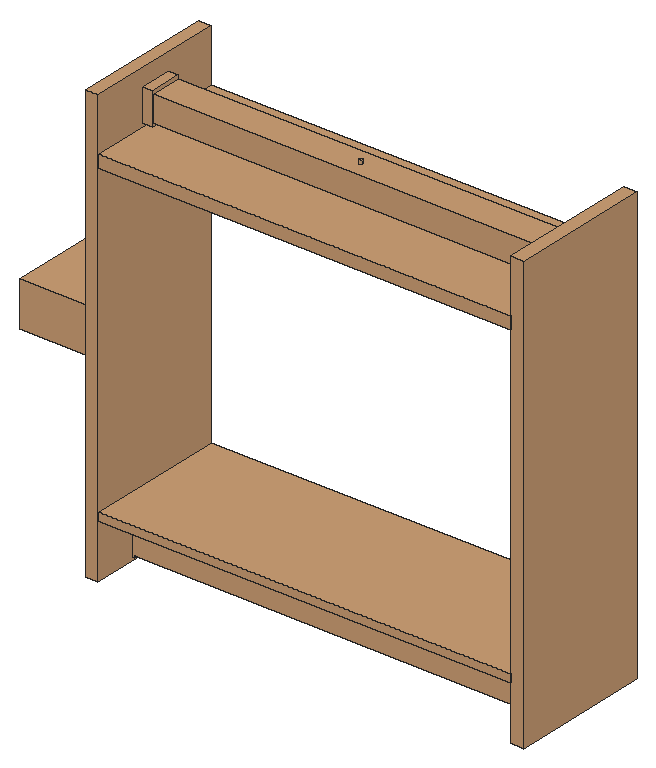
Revit family
Parameters
  Center of Unit = 0' - 0"  # constant formula
  Total Heating Capacity [instance] = 0.0 Btu/h
  Series = "VIFB"
  Outlet Area = 21.40 SF
  Lower Frame Thickness = if(Headers Height = 0' 3", 0' 1 1/4", if(Headers Height = 0' 3 1/4", 0' 1 1/4", 0' 0"))  # 0' - 1 1/4"
  Water Pressure Drop [instance] = 0.00 psi
  Water Flow [instance] = 0 GPM
  Unit Weight (lbs) = 779
  URL = "http://www.ljwing.com/"
  Water Outlet Radius = 0' - 1 1/2"
  Headers Height = if(M = 0' 1", 0' 3", if(M = 0' 1 1/2", 0' 3 1/4", 0' 0"))  # 0' - 3"
  Number of Rows = 2  # constant formula
  Number of Coils [instance] = 0
  Nominal Length = 5' - 8 5/16"
  N = 1' - 0 3/4"
  Model = "VC-6W"
  Manufacturer = "LJ Wing"
  M = 0' - 1"
  Leaving Water Temperature [instance] = 0 °F
  Leaving Air Temperature [instance] = 0 °F
  Entering Water Temperature [instance] = 0 °F
  Entering Air Temperature [instance] = 0 °F
  Description = "Vertical Integral Face & Bypass Water Heating Coils"
  Hot Water Inlet  Radius = 0' - 1 1/2"
  Coil Face Area = Outlet Area * 0.56  # 11.984 SF
  Casing Material = ""
  Assembly Code = "D3020300"
  Air Vent Radius = 0' - 0 1/4"
  Air Pressure Drop [instance] = 0.00 in-wg
  Air Inlet Width = Nominal Length - 0' 4"  # 5' - 4 5/16"
  Air Inlet Height = Y  # 4' - 0"
  Air Flow [instance] = 0 CFM
  Y = 4' - 0"
  S = 0' - 9 3/4"  # constant formula
  Product URL = "http://www.ljwing.com/html/vifb.asp"
  OmniClass = "23-75 70 21 14 "
  Nominal Height = 5' - 8"
  Nominal Depth = 1' - 10"
  R = 0' - 10 1/4"  # constant formula
  Q = 0' - 4 5/32"
Reference planes (in)
  plane 1 "Center (Front/Back)": y = 0
  plane 2: z = -24
  plane 3 "Center (Left/Right)": x = 0
  plane 4: z = 34.25
  plane 5: x = -34.15625
  plane 6: x = 34.15625
  plane 7: z = -33.75
  plane 8: z = 0
  plane 9: y = -11
  plane 10: y = 11
  plane 11: z = 24
  plane 12: z = 26
  plane 13: z = -25.25
  plane 14: x = 32.15625
  plane 15: x = -32.15625
  plane 16: x = -30
  plane 17: x = 30
  plane 18: y = 14.0625
  plane 19: x = -45.15625
  plane 20: z = 31.125
  plane 21: z = 27.125
  plane 22: y = -2.5
  plane 23: y = 2.5
  plane 24: y = -4.5
  plane 25: z = -31.375
  plane 26: x = -21.40625
  plane 27: x = 21.40625
  plane 28: z = -27.375
Forms (in)
  Extrusion 1, solid, material "Painted Finish"
    sketch origin (0, 6, -9.75) x (1, 0, 0) y (0, 0, 1)
      loop
        line (-34.15625, -24) -> (-32.15625, -24) -> (-32.15625, 44) -> (-34.15625, 44) -> (-34.15625, -24)
      loop
        line (34.15625, -24) -> (34.15625, 44) -> (32.15625, 44) -> (32.15625, -24) -> (34.15625, -24)
    from -5 to 17
  Extrusion 2, solid, material "Painted Finish"
    sketch origin (0, 6, 0) x (1, 0, 0) y (0, 0, 1)
      loop
        line (32.15625, -24) -> (-32.15625, -24) -> (-32.15625, -25.25) -> (32.15625, -25.25) -> (32.15625, -24)
      loop
        line (32.15625, 24) -> (32.15625, 26) -> (-32.15625, 26) -> (-32.15625, 24) -> (32.15625, 24)
    from -5 to 17
  Extrusion 3, solid, material "Painted Finish"
    sketch origin (0, 10, -0.5) x (1, 0, 0) y (0, 0, 1)
      loop
        line (-34.15625, 4) -> (-45.15625, 4) -> (-45.15625, -3) -> (-34.15625, -3) -> (-34.15625, 4)
    from 0 to 20
  Extrusion 4, solid, material "Painted Finish"
    sketch origin (0, 6, 0) x (1, 0, 0) y (0, 0, 1)
      loop
        line (-30.53125, 31.125) -> (-30.53125, 27.125) -> (30.53125, 27.125) -> (30.53125, 31.125) -> (-30.53125, 31.125)
    from 3.5 to 8.5
  Extrusion 5, solid, material "Painted Finish"
    sketch origin (0, 0, 0) x (1, 0, 0) y (0, 0, 1)
      loop
        line (-30.53125, 26.625) -> (-30.53125, 31.625) -> (-32.15625, 31.625) -> (-32.15625, 26.625) -> (-30.53125, 26.625)
      loop
        line (32.15625, 26.625) -> (32.15625, 31.625) -> (30.53125, 31.625) -> (30.53125, 26.625) -> (32.15625, 26.625)
    from -2.5 to 2.5
  Extrusion 6, solid, material "Painted Finish"
    sketch origin (0, 6, 0) x (1, 0, 0) y (0, 0, 1)
      loop
        line (-31.65625, -25.875) -> (-31.65625, -25.625) -> (-32.15625, -25.625) -> (-32.15625, -29.125) -> (-31.65625, -29.125) -> (-31.65625, -28.875) -> (31.65625, -28.875) -> (31.65625, -29.125) -> (32.15625, -29.125) -> (32.15625, -25.625) -> (31.65625, -25.625) -> (31.65625, -25.875) -> (-31.65625, -25.875)
      loop
        line (31.65625, -32.875) -> (31.65625, -33.125) -> (32.15625, -33.125) -> (32.15625, -29.625) -> (31.65625, -29.625) -> (31.65625, -29.875) -> (-31.65625, -29.875) -> (-31.65625, -29.625) -> (-32.15625, -29.625) -> (-32.15625, -33.125) -> (-31.65625, -33.125) -> (-31.65625, -32.875) -> (31.65625, -32.875)
    from -5 to 10.5
  Extrusion 7, void
    sketch origin (0, 0, 0) x (1, 0, 0) y (0, 0, 1)
      loop
        line (-32.15625, 24) -> (-32.15625, -24) -> (32.15625, -24) -> (32.15625, 24) -> (-32.15625, 24)
    from -11 to 11
  Extrusion 8, solid, material "Painted Finish"
    sketch origin (0, 0, 0) x (1, 0, 0) y (0, 0, 1)
      loop
        circle (21.40625, -31.375) r 1
      loop
        circle (-21.40625, -27.375) r 1
    from -14.0625 to -11
  Extrusion 9, solid, material "Painted Finish"
    sketch origin (0, 0, 0) x (1, 0, 0) y (0, 1, 0)
      loop
        circle (0, 0) r 0.25
    from 31.125 to 31.625
Cuts and joins
  Extrusion 7 cuts Extrusion 1
  Extrusion 7 cuts Extrusion 2
Dimensions and locks (in)
  "Nominal Length": plane 6 to plane 5
  equal spacing: plane 6, plane 3 "Center (Left/Right)", plane 5
  "S": plane 2 to plane 7
  "Nominal Depth": plane 10 to plane 9
  equal spacing: plane 10, plane 1 "Center (Front/Back)", plane 9
  "Y": plane 11 to plane 2
  "R": plane 4 to plane 11
  locked: plane 12 to plane 11 at 2
  "Lower Frame Thickness": plane 2 to plane 13
  "Q": plane 16 to plane 5
  "Q": plane 6 to plane 17
  locked: plane 18 to plane 10 at 3.0625
  locked: plane 5 to plane 19 at 11
  locked: Extrusion 3 sketch curve to Extrusion 3 sketch curve at 7
  locked: Extrusion 3 to Extrusion 3 at 20
  locked: plane 6 to plane 14 at 2
  locked: plane 15 to plane 5 at 2
  locked: Extrusion 5 sketch curve to plane 20 at 0.5
  locked: plane 21 to Extrusion 5 sketch curve at 0.5
  locked: plane 20 to plane 21 at 4
  locked: plane 23 to plane 22 at 5
  equal spacing: plane 23, plane 1 "Center (Front/Back)", plane 22
  locked: plane 22 to plane 24 at 2
  plane 4 to plane 7 = 5' - 8"
  locked: Extrusion 5 sketch curve to Extrusion 1 at 1.625
  locked: Extrusion 5 sketch curve to Extrusion 5 sketch curve at 1.625
  locked: Extrusion 7 sketch curve to plane 11 at 0
  locked: Extrusion 7 sketch curve to plane 15 at 0
  locked: Extrusion 7 sketch curve to plane 14 at 0
  locked: plane 15 to Extrusion 6 sketch curve at 0.5
  locked: Extrusion 6 sketch curve to Extrusion 6 sketch curve at 0.25  (x2)
  locked: plane 25 to plane 7 at 2.375
  "N": plane 26 to plane 5
  "N": plane 6 to plane 27
  locked: plane 28 to plane 7 at 6.375
  "Headers Height": Extrusion 6 sketch curve to Extrusion 6 sketch curve  (x2)
  locked: Extrusion 8 sketch curve to plane 25 at 0
  locked: Extrusion 8 sketch curve to plane 28 at 0
  locked: Extrusion 9 sketch curve to plane 1 "Center (Front/Back)" at 0
  locked: Extrusion 9 sketch curve to plane 3 "Center (Left/Right)" at 0
  equal spacing: Extrusion 6 sketch curve, plane 28, Extrusion 6 sketch curve
  equal spacing: Extrusion 6 sketch curve, plane 25, Extrusion 6 sketch curve
  locked: plane 4 to plane 20 at 3.125
  locked: Extrusion 7 sketch curve to plane 2 at 0
  equal spacing: plane 11, plane 8, plane 2
  locked: Extrusion 8 sketch curve to plane 27 at 0
  locked: Extrusion 8 sketch curve to plane 26 at 0
  "M": radius of Extrusion 8 sketch curve  (x2)
  "Air Vent Radius": radius of Extrusion 9 sketch curve
  aligned and locked: Extrusion 1 to plane 9
  aligned and locked: Extrusion 1 to plane 10
  aligned and locked: Extrusion 1 to plane 15
  aligned and locked: Extrusion 1 to plane 14
  aligned and locked: Extrusion 2 to plane 9
  aligned and locked: plane 9 to Extrusion 1
  aligned and locked: plane 10 to Extrusion 1  (x2)
  aligned and locked: Extrusion 2 to plane 10
  aligned and locked: plane 10 to Extrusion 2  (x2)
  aligned and locked: plane 9 to Extrusion 2  (x2)
  aligned and locked: plane 5 to Extrusion 3
  aligned and locked: Extrusion 5 sketch curve to plane 15
  aligned and locked: Extrusion 5 sketch curve to Extrusion 4
  aligned and locked: Extrusion 1 to Extrusion 6
  aligned and locked: plane 22 to Extrusion 5
  aligned and locked: Extrusion 5 to Extrusion 4  (x2)
  aligned and locked: Extrusion 5 to plane 23
  aligned and locked: Extrusion 6 to plane 24
  aligned and locked: Extrusion 4 to Extrusion 5  (x2)
  aligned and locked: Extrusion 5 to Extrusion 1  (x2)
  aligned and locked: Extrusion 1 to Extrusion 7  (x2)
  aligned and locked: plane 18 to Extrusion 8
  aligned and locked: Extrusion 8 to plane 10
  aligned and locked: plane 20 to Extrusion 9
  aligned and locked: Extrusion 9 to Extrusion 5
  aligned and locked: plane 2 to cut or joined group of Extrusion 2, Extrusion 7
  aligned and locked: Extrusion 1 sketch curve to plane 6
  aligned and locked: Extrusion 1 sketch curve to plane 14
  aligned and locked: Extrusion 1 sketch curve to plane 15
  aligned and locked: Extrusion 1 sketch curve to plane 5
  aligned and locked: Extrusion 1 sketch curve to plane 4  (x2)
  aligned and locked: plane 7 to Extrusion 1 sketch curve  (x2)
  aligned and locked: Extrusion 2 sketch curve to plane 11
  aligned and locked: Extrusion 2 sketch curve to plane 12
  aligned and locked: plane 2 to Extrusion 2 sketch curve
  aligned and locked: Extrusion 2 sketch curve to plane 13
  aligned and locked: Extrusion 2 sketch curve to plane 14  (x2)
  aligned and locked: Extrusion 2 sketch curve to plane 15  (x2)
  aligned and locked: plane 20 to Extrusion 4 sketch curve
  aligned and locked: Extrusion 4 sketch curve to plane 21
  aligned and locked: Extrusion 6 sketch curve to plane 14  (x2)
  aligned and locked: plane 15 to Extrusion 6 sketch curve  (x2)
Automatic sketch dimensions
  Extrusion 3 sketch curve to plane 19 = 0' - 0"
  Extrusion 3 sketch curve to plane 5 = 0' - 0"
  plane 8 to Extrusion 3 sketch curve = 0' - 3 1/2"
  Extrusion 4 sketch curve to plane 16 = 0' - 0 17/32"
  plane 17 to Extrusion 4 sketch curve = 0' - 0 17/32"
  plane 21 to Extrusion 5 sketch curve = 0' - 0 1/2"
  Extrusion 5 sketch curve to plane 20 = 0' - 0 1/2"
  plane 15 to Extrusion 6 sketch curve = 0' - 0 1/2"  (x2)
  Extrusion 6 sketch curve to Extrusion 6 sketch curve = 0' - 0 1/4"  (x5)
  Extrusion 6 sketch curve to Extrusion 6 sketch curve = 0' - 0"  (x2)
  Extrusion 6 sketch curve to plane 14 = 0' - 0 1/2"  (x2)
  Extrusion 6 sketch curve to Extrusion 6 sketch curve = 0' - 0 1/2"
  Extrusion 6 sketch curve to plane 7 = 0' - 0 5/8"
Connectors (in)
  hvac at (0, -11, 0), driven by "Air Inlet Height", driven by "Air Inlet Width", driven by "Air Flow", driven by "Air Pressure Drop"
    settings: on Extrusion 7, index 1
  hvac at (0, 11, 0), driven by "Air Pressure Drop", driven by "Air Inlet Height", driven by "Air Inlet Width", driven by "Air Flow"
    settings: on Extrusion 7, index 2
  piping at (-21.40625, 14.0625, -27.375), driven by "M", driven by "Water Flow", driven by "Water Pressure Drop"
    settings: on Extrusion 8, index 4
  piping at (21.40625, 14.0625, -31.375), driven by "Water Pressure Drop", driven by "Water Flow", driven by "M"
    settings: on Extrusion 8, index 5
